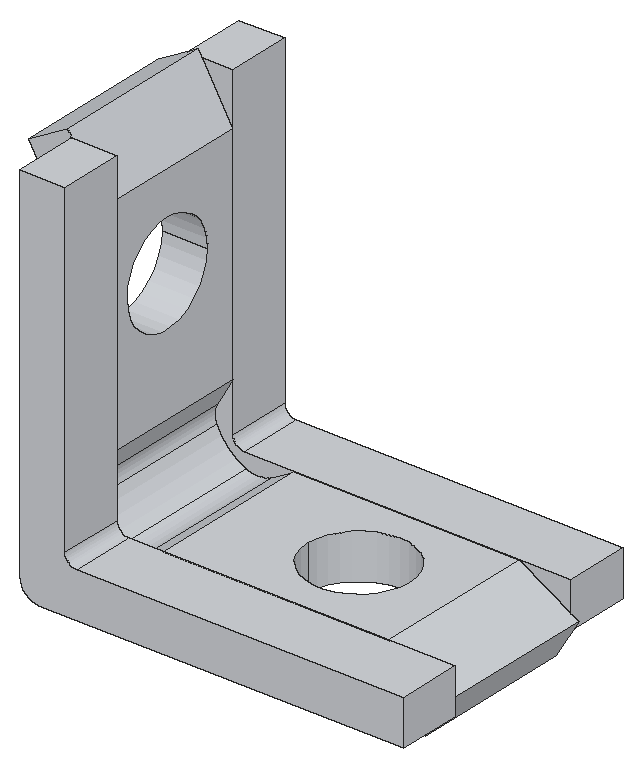
Revit family "Fitting-Ninety_Degree_Angle-Unistrut-P2626", category Specialty Equipment, Revit 2012
Parameters (values of type "P2626")
  ecoScorecard_data = "http://products.ecoscorecard.com/atkore/P2626"
  ecoScorecard Product Page = "http://products.ecoscorecard.com/atkore/P2626?action=html"
  Weight Per Piece = 3.00 lbf
  Unit = none
  Unistrut Part Number = "P2626"  # constant formula
  URL = "http://unistrut.us/index.php"
  Thickness = 0' - 0 1/4"  # constant formula
  Subcategory = "Nintey Degree Angle Fittings"  # constant formula
  Product Page URL = "http://unistrut.us/index.php?WP=cat_detail&S=S05&P=P2626"
  Power Strut Part Number = "PS 806"  # constant formula
  Part Type = "Fitting"  # constant formula
  Overall Width = 0' - 1 5/8"  # constant formula
  Overall Length = 0' - 2 1/8"  # constant formula
  Overall Height = 0' - 2 1/8"  # constant formula
  Model = "P2626"  # constant formula
  Material = ""
  Manufacturer Phone - Toll Free = "800-882-5543"  # constant formula
  Manufacturer Phone = "708-339-1610"  # constant formula
  Manufacturer Fax = "708-339-7814"  # constant formula
  Manufacturer Email = "mailto:jshaw@atkore.com"
  Manufacturer Address = "16100 South Lathrop Avenue, Harvey, IL 60426"  # constant formula
  Manufacturer = "Unistrut by Atkore International"  # constant formula
  Load Capacity Note = "Visit the product page for load application and capacity."  # constant formula
  Literature URL = "http://unistrut.us/index.php?WP=LItLibrary"
  Hole Diameter = 0' - 0 9/16"  # constant formula
  Default Elevation = 4' - 0"
  Cost Info = "mailto:jshaw@atkore.com"
  CAD URL = "http://unistrut.us/index.php?WP=CAD3d"
  Assembly Code = "D5020100"
  95 CSI = "16070"  # constant formula
  04 CSI = "26 05 48"  # constant formula
Reference planes (in)
  plane 1 "Center (Front/Back)": y = 0
  plane 2: z = 0
  plane 3 "Center (Left/Right)": x = 0
  plane 4: x = -1.0625
  plane 5: x = 1.0625
  plane 6: y = 0.8125
  plane 7: y = -0.8125
  plane 8: z = 2.125
  plane 9: x = 0.16687
  plane 10: z = 1.3127
Dimensions and locks (in)
  "Overall Width": plane 6 to plane 7
  equal spacing: plane 6, plane 1 "Center (Front/Back)", plane 7
  "Overall Length": plane 4 to plane 5
  equal spacing: plane 4, plane 3 "Center (Left/Right)", plane 5
  "Overall Height": plane 8 to level
  aligned and locked: level to plane 2
Nested families (in)
  nested 1: "2626" at (0, 0, 0), type "2626"
Definition of nested family "2626"
  Parameters (values of type "2626")
    Unit = none
    URL = ""
    Thickness = 0' - 0 1/4"  # constant formula
    Overall Width = 0' - 1 5/8"  # constant formula
    Overall Length = 0' - 2 1/8"  # constant formula
    Overall Height = 0' - 2 1/8"  # constant formula
    Manufacturer = ""
    Assembly Code = ""
  Reference planes (in)
    plane 1 "Center (Front/Back)": y = 0
    plane 2: z = 0
    plane 3 "Center (Left/Right)": x = 0
    plane 4: x = -1.0625
    plane 5: x = 1.0625
    plane 6: y = 0.8125
    plane 7: y = -0.8125
    plane 8: z = 2.125
  Forms (in)
    Extrusion 1, solid, material <- "Unit"
      sketch origin (0, 0, 0) x (1, 0, 0) y (0, 0, 1)
        loop
          line (-0.8125, 0.31495) -> (-0.8125, 2.125) -> (-1.0625, 2.125) -> (-1.0625, 0.10638)
          arc (-1.0625, 0.10638) -> (-1.03134, 0.03116) -> (-0.95612, 0) r 0.10638
          line (-0.95612, 0) -> (1.0625, 0) -> (1.0625, 0.25) -> (-0.74755, 0.25)
          arc (-0.74755, 0.25) -> (-0.79348, 0.26902) -> (-0.8125, 0.31495) r 0.06495
      from 0.45315 to 0.8125
    Extrusion 2, solid, material <- "Unit"
      sketch origin (-0.0846, 0, 0) x (1, 0, 0) y (0, 0, -1)
        loop
          arc (-0.8125, -0.31495) -> (-0.79348, -0.26902) -> (-0.74755, -0.25) r 0.06495
          line (-0.74755, -0.25) -> (1.0625, -0.25) -> (1.0625, 0) -> (-0.95612, 0)
          arc (-0.95612, 0) -> (-1.03134, -0.03116) -> (-1.0625, -0.10638) r 0.10638
          line (-1.0625, -0.10638) -> (-1.0625, -2.125) -> (-0.8125, -2.125) -> (-0.8125, -0.31495)
      from 0.45315 to 0.8125
    Extrusion 3, solid, material <- "Unit"
      sketch origin (0, 0, 0) x (1, 0, 0) y (0, 0, 1)
        loop
          line (-1.08692, 2.16134) -> (-1.30343, 2.03634) -> (-1.14714, 1.76544) -> (-1.14714, 0.65158) -> (-1.23825, 0.49216)
          arc (-1.23825, 0.49216) -> (-1.27156, 0.32171) -> (-1.19458, 0.16603) r 0.27104
          line (-1.19458, 0.16603) -> (-0.98032, -0.04823)
          arc (-0.98032, -0.04823) -> (-0.82067, -0.12685) -> (-0.64619, -0.09184) r 0.27637
          line (-0.64619, -0.09184) -> (-0.48791, 0) -> (0.62596, 0) -> (0.89684, -0.15629) -> (1.02184, 0.06022) -> (0.69284, 0.25) -> (-0.55481, 0.25) -> (-0.67415, 0.18104)
          arc (-0.67415, 0.18104) -> (-0.74737, 0.15902) -> (-0.8227, 0.17206) r 0.16642
          arc (-0.8227, 0.17206) -> (-0.92069, 0.23854) -> (-0.98645, 0.33701) r 0.30877
          arc (-0.98645, 0.33701) -> (-0.99522, 0.38898) -> (-0.98013, 0.43948) r 0.11622
          line (-0.98013, 0.43948) -> (-0.89722, 0.58455) -> (-0.89722, 1.83249) -> (-1.08692, 2.16134)
      from -0.45315 to 0.45315
    Extrusion 4, void
      sketch origin (0, 0, 0) x (1, 0, 0) y (0, 1, 0)
        loop
          circle (0.16687, 0) r 0.28125
      from 0 to 12
    Extrusion 5, void
      sketch origin (0, 0, 0) x (0, 1, 0) y (0, 0, 1)
        loop
          circle (0, 1.3127) r 0.28125
      from -1.44769 to -0.24544
  Cuts and joins
    Extrusion 4, Extrusion 5 cuts Extrusion 3
  Dimensions and locks (in)
    "Overall Width": plane 6 to plane 7
    equal spacing: plane 6, plane 1 "Center (Front/Back)", plane 7
    "Overall Length": plane 4 to plane 5
    equal spacing: plane 4, plane 3 "Center (Left/Right)", plane 5
    "Overall Height": plane 8 to level
    aligned and locked: level to plane 2
  Automatic sketch dimensions
    Extrusion 1 sketch curve to plane 4 = 0' - 0"
    Extrusion 1 sketch curve to level = 0' - 0"
    Extrusion 1 sketch curve to plane 8 = 0' - 0"
    plane 5 to Extrusion 1 sketch curve = 0' - 0"
    level to Extrusion 1 sketch curve = 0' - 0.10638"
    plane 4 to Extrusion 1 sketch curve = 0' - 0 1/4"
    Extrusion 1 sketch curve to Extrusion 1 sketch curve = 0' - 0.06495"
    level to Extrusion 1 sketch curve = 0' - 0 1/4"
    Extrusion 2 sketch curve to plane 4 = 0' - 0.0846"
    Extrusion 2 sketch curve to level = 0' - 0"
    Extrusion 2 sketch curve to plane 8 = 0' - 0"
    plane 5 to Extrusion 2 sketch curve = 0' - 0.0846"
    level to Extrusion 2 sketch curve = 0' - 0.10638"
    plane 4 to Extrusion 2 sketch curve = 0' - 0.1654"
    Extrusion 2 sketch curve to Extrusion 2 sketch curve = 0' - 0.06495"
    Extrusion 2 sketch curve to Extrusion 2 sketch curve = 0' - 0.20857"
    Extrusion 3 sketch curve to level = 0' - 0"
    plane 5 to Extrusion 3 sketch curve = 0' - 0.36966"
    plane 5 to Extrusion 3 sketch curve = 0' - 0.04066"
    plane 5 to Extrusion 3 sketch curve = 0' - 0.16566"
    Extrusion 3 sketch curve to Extrusion 3 sketch curve = 0' - 0.06689"
    Extrusion 3 sketch curve to plane 3 "Center (Left/Right)" = 0' - 0.48791"
    Extrusion 3 sketch curve to Extrusion 3 sketch curve = 0' - 0.0669"
    Extrusion 3 sketch curve to level = 0' - 0.09184"
    Extrusion 3 sketch curve to Extrusion 3 sketch curve = 0' - 0.15828"
    Extrusion 3 sketch curve to Extrusion 3 sketch curve = 0' - 0.11934"
    Extrusion 3 sketch curve to Extrusion 3 sketch curve = 0' - 0.14675"
    Extrusion 3 sketch curve to Extrusion 3 sketch curve = 0' - 0.2026"
    Extrusion 3 sketch curve to Extrusion 3 sketch curve = 0' - 0.23008"
    Extrusion 3 sketch curve to Extrusion 3 sketch curve = 0' - 0.03781"
    Extrusion 3 sketch curve to Extrusion 3 sketch curve = 0' - 0"  (x2)
    Extrusion 3 sketch curve to Extrusion 3 sketch curve = 0' - 0.12181"
    plane 4 to Extrusion 3 sketch curve = 0' - 0.16528"
    plane 4 to Extrusion 3 sketch curve = 0' - 0.08237"
    Extrusion 3 sketch curve to level = 0' - 0.04823"
    Extrusion 3 sketch curve to Extrusion 3 sketch curve = 0' - 0.49241"
    plane 4 to Extrusion 3 sketch curve = 0' - 0.07605"
    Extrusion 3 sketch curve to Extrusion 3 sketch curve = 0' - 0.01647"
    Extrusion 3 sketch curve to plane 4 = 0' - 0.02442"
    Extrusion 3 sketch curve to plane 4 = 0' - 0.08464"
    Extrusion 3 sketch curve to plane 4 = 0' - 0.13208"
    Extrusion 3 sketch curve to plane 4 = 0' - 0.17575"
    Extrusion 3 sketch curve to plane 8 = 0' - 0.08866"
    Extrusion 3 sketch curve to plane 4 = 0' - 0.24093"
    Extrusion 3 sketch curve to level = 0' - 0.15629"
    level to Extrusion 3 sketch curve = 0' - 0.06022"
    level to Extrusion 3 sketch curve = 0' - 0.16603"
    Extrusion 3 sketch curve to Extrusion 3 sketch curve = 0' - 0.02486"
    Extrusion 3 sketch curve to Extrusion 3 sketch curve = 0' - 0.03384"
    Extrusion 3 sketch curve to Extrusion 3 sketch curve = 0' - 0.18978"
    Extrusion 3 sketch curve to Extrusion 3 sketch curve = 0' - 0.02068"
    Extrusion 3 sketch curve to Extrusion 3 sketch curve = 0' - 0.14507"
    Extrusion 3 sketch curve to Extrusion 3 sketch curve = 0' - 0.15942"
    Extrusion 3 sketch curve to Extrusion 3 sketch curve = 0' - 0.2709"
    Extrusion 3 sketch curve to Extrusion 3 sketch curve = 0' - 0.06704"
    plane 8 to Extrusion 3 sketch curve = 0' - 0.03634"
    Extrusion 4 sketch curve to plane 1 "Center (Front/Back)" = 0' - 0"
    plane 3 "Center (Left/Right)" to Extrusion 4 sketch curve = 0' - 0.16687"
    Extrusion 5 sketch curve to plane 1 "Center (Front/Back)" = 0' - 0"
    Extrusion 5 sketch curve to plane 8 = 0' - 0.8123"
    radius of Extrusion 4 sketch curve = 0' - 0 9/32"
    radius of Extrusion 5 sketch curve = 0' - 0 9/32"
